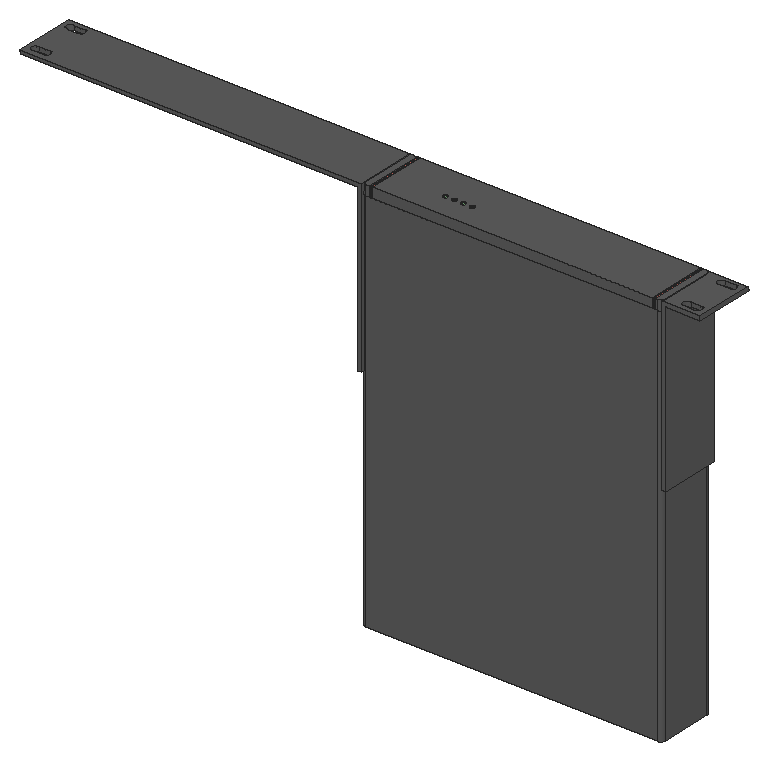
Revit family "Electronics_Amplifiers_Biamp_Voltera_A-300.4", category Communication Devices, host Face, Revit 2020
Family settings
  Host = Face
  Maintain Annotation Orientation = No
  Round Connector Dimension = Use Diameter
  Part Type = Normal
  OmniClass Number = 23.85.10.11.14.14.17
  OmniClass Title = Sound Amplifiers
  Cut with Voids When Loaded = No
  Shared = No
  Room Calculation Point = No
Parameters (values of type "A-300.4")
  Width = 8.66142"  # constant formula
  Weight = 6.10 lbf  # constant formula
  Voltage = 240 V
  Version = 1
  URL = "https://www.biamp.com/"
  Temperature Range = "32-104°F (0-40°C)"  # constant formula
  THD+N (20 - 20000 Hz for 1 W into 8 ohm) = "<0.5%"  # constant formula
  THD+N (1 kHz, 1 dB below clip) = "<0.008%"  # constant formula
  Surface Mount [instance] = Mount Type = Nom Surface Mount  # no
  Single Unit Rack Mount [instance] = Mount Type = Nom Single Unit Rack Mount  # yes
  Signal to Noise ratio (8 ohm) = ">103 dBA"  # constant formula
  Signal level indicator = "Signal level and limiter action"  # constant formula
  Product data url = "https://bimobject.com/biamp/product/a-300-4-amplifier"
  Product Page URL = "https://www.biamp.com/products/product-families/voltera/amplifiers#a-300-4"
  Product Documentation Link = "https://downloads.biamp.com/assets/docs/default-source/data-sheets/biamp_data_sheet_voltera_a-300w-series_amps_aug23.pdf"
  Power Factor = 1
  Number of Poles = 1
  Nom Surface Mount = Surface Mount : Surface Mount
  Nom Single Unit Rack Mount = Single Unit Rack Mount : Single Unit Rack Mount
  Offset_Y [instance] = if(or(Single Unit Rack Mount, Double Unit Left Rack Mount, Double Unit Right Rack Mount), 0", 5.70866")  # 0"
  Offset_X [instance] = if(Single Unit Rack Mount, 19.69", if(or(Freestanding Mount, Surface Mount), 5.91", if(Double Unit Right Rack Mount, 0.89", 10.93")))  # 19.69"
  Offset [instance] = if(or(Single Unit Rack Mount, Double Unit Left Rack Mount, Double Unit Right Rack Mount), 0.11811", if(Freestanding Mount, 1.06299", 0.98425"))  # 0.11811"
  Mount Type [instance] = Single Unit Rack Mount : Single Unit Rack Mount
  Nom Freestanding Mount = Freestanding Mount : Freestanding Mount
  Nom Double Unit Right Rack Mount = Double Unit Right Rack Mount : Double Unit Right Rack Mount
  Nom Double Unit Left Rack Mount = Double Unit Left Rack Mount : Double Unit Left Rack Mount
  Model = "A-300.4"  # constant formula
  Mode switch / ch. (4 Ω / 8 Ω / 70 V / 100 V) = "Defnes the gain and the limiter thresholds"  # constant formula
  Max input level = "+24 dBu"  # constant formula
  Max Power Consumption = 300 W
  Manufacturer = "Biamp"  # constant formula
  Input sensitivity (for all Mode options) = "+4 dBu (1.23 Vrms)"  # constant formula
  Input impedance (balanced) = "8 kohm"  # constant formula
  Included accessories = "Rack solution for single/tandem 19 1 RU mount; Brackets for mounting under table/on wall/under ceiling"  # constant formula
  Humidity = "0-95% non-condensing"  # constant formula
  Housing Material = Biamp - Metal - Black
  High pass flter = "70 Hz 12 dB/octave (on/of)"  # constant formula
  Height = 1.73228"  # constant formula
  Gain trim (default 0 dB) = "In addition to reducing the gain down to -infnity, it can boost the gain and power by up to 3 dB"  # constant formula
  Gain for 8 ohm = "26 dB"  # constant formula
  Gain for 70 / 100 V = "35.2 / 38.2 dB"  # constant formula
  Gain for 4 ohm = "23 dB"  # constant formula
  Frequency response (20 - 20000 Hz, 8 ohm, unweighted) = "+/-0.5 dB"  # constant formula
  Freestanding Mount [instance] = Mount Type = Nom Freestanding Mount  # no
  Double Unit Left Rack Mount [instance] = Mount Type = Nom Double Unit Left Rack Mount  # no
  Double Unit Right Rack Mount [instance] = Mount Type = Nom Double Unit Right Rack Mount  # no
  Description = "Voltera® A Series Compact 4 Channel, 300 Amplifier Models"  # constant formula
  Depth = 11.41732"  # constant formula
  Default Elevation = 48"
  Date Updated = ""
  Date Created = "2023/08/21"
  Cooling = "Variable speed fans, front to back airfow"  # constant formula
  Control/monitoring IO = "Mute all channels (input);Health (output);Sleep mode status (output);Sleep mode (input)"  # constant formula
  Connector Description = "100-240 VAC, 50/60 Hz"  # constant formula
  Channel separation (crosstalk at 1 kHz) = ">75 dB"  # constant formula
  Apparent Load = Max Power Consumption / Power Factor  # 300 VA
  Angle [instance] = if(or(Single Unit Rack Mount, Double Unit Left Rack Mount, Double Unit Right Rack Mount), 0.00°, 90.00°)  # 0.00°
Reference planes (in)
  plane 1 "Center (Front/Back)": y = 0
  plane 2: z = 0
  plane 3 "Center (Left/Right)": x = 0
  plane 4: x = -5.91
Forms (in)
  Extrusion 1, solid, material "Biamp - Metal - Black", visible <- "Single Unit Rack Mount"
    sketch origin (0, 0, 0) x (1, 0, 0) y (0, 0, 1)
      loop
        line (19.2126, 0) -> (19.2126, 0.11811) -> (18.11024, 0.11811) -> (18.11024, -4.76582) -> (18.22835, -4.76582) -> (18.22835, 0) -> (19.2126, 0)
      loop
        line (-0.41195, 0) -> (9.33071, 0) -> (9.33071, -4.76582) -> (9.44882, -4.76582) -> (9.44882, 0.11811) -> (-0.41195, 0.11811) -> (-0.41195, 0)
    from -0.86614 to 0.86614
  Extrusion 2, void
    sketch origin (19.2126, 0, 0.11811) x (0, -1, 0) y (-1, 0, 0)
      loop
        arc (-0.74245, 19.05266) -> (-0.62608, 18.93629) -> (-0.50971, 19.05266) r 0.11637
        line (-0.50971, 19.05266) -> (-0.50971, 19.37254)
        arc (-0.50971, 19.37254) -> (-0.62608, 19.48891) -> (-0.74245, 19.37254) r 0.11637
        line (-0.74245, 19.37254) -> (-0.74245, 19.05266)
      loop
        line (0.74245, 19.05266) -> (0.74245, 19.37254)
        arc (0.74245, 19.37254) -> (0.62608, 19.48891) -> (0.50971, 19.37254) r 0.11637
        line (0.50971, 19.37254) -> (0.50971, 19.05266)
        arc (0.50971, 19.05266) -> (0.62608, 18.93629) -> (0.74245, 19.05266) r 0.11637
      loop
        line (-0.74245, 0.57189) -> (-0.74245, 0.25201)
        arc (-0.74245, 0.25201) -> (-0.62608, 0.13565) -> (-0.50971, 0.25201) r 0.11637
        line (-0.50971, 0.25201) -> (-0.50971, 0.57189)
        arc (-0.50971, 0.57189) -> (-0.62608, 0.68826) -> (-0.74245, 0.57189) r 0.11637
      loop
        arc (0.74245, 0.57189) -> (0.62608, 0.68826) -> (0.50971, 0.57189) r 0.11637
        line (0.50971, 0.57189) -> (0.50971, 0.25201)
        arc (0.50971, 0.25201) -> (0.62608, 0.13565) -> (0.74245, 0.25201) r 0.11637
        line (0.74245, 0.25201) -> (0.74245, 0.57189)
    from 0 to 0.11811
  Revolve 3, solid, material "Biamp - Plastic - Black", visible <- "Freestanding Mount"
    sketch origin (-3.54331, -0.34449, 0) x (0, 1, 0) y (0, 0, 1)
      loop
        line (4.92126, 0.19685) -> (4.58651, 0.19685)
        arc (4.58651, 0.19685) -> (4.72709, 0.05286) -> (4.92126, 0) r 0.38305
        line (4.92126, 0) -> (4.92126, 0.19685)
      axis (4.92126, 0.19685) -> (4.92126, 0)
    angle from 0 to 360
  Revolve 4, solid, material "Biamp - Plastic - Black", visible <- "Freestanding Mount"
    sketch origin (3.54331, -0.34449, 0) x (0, 1, 0) y (0, 0, -1)
      loop
        line (4.92126, -0.19685) -> (4.92126, 0)
        arc (4.92126, 0) -> (4.72709, -0.05286) -> (4.58651, -0.19685) r 0.38305
        line (4.58651, -0.19685) -> (4.92126, -0.19685)
      axis (4.92126, -0.19685) -> (4.92126, 0)
    angle from 0 to 360
  Revolve 5, solid, material "Biamp - Plastic - Black", visible <- "Freestanding Mount"
    sketch origin (-3.54331, 0.34449, 0) x (0, -1, 0) y (0, 0, -1)
      loop
        line (4.92126, -0.19685) -> (4.92126, 0)
        arc (4.92126, 0) -> (4.72709, -0.05286) -> (4.58651, -0.19685) r 0.38305
        line (4.58651, -0.19685) -> (4.92126, -0.19685)
      axis (4.92126, -0.19685) -> (4.92126, 0)
    angle from 0 to 360
  Revolve 6, solid, material "Biamp - Plastic - Black", visible <- "Freestanding Mount"
    sketch origin (3.54331, 0.34449, 0) x (0, -1, 0) y (0, 0, 1)
      loop
        line (4.92126, 0.19685) -> (4.58651, 0.19685)
        arc (4.58651, 0.19685) -> (4.72709, 0.05286) -> (4.92126, 0) r 0.38305
        line (4.92126, 0) -> (4.92126, 0.19685)
      axis (4.92126, 0.19685) -> (4.92126, 0)
    angle from 0 to 360
  Extrusion 7, solid, material "Biamp - Metal - Black", visible <- "Surface Mount", detail levels coarse
    sketch origin (-12.15168, 0, 0) x (1, 0, 0) y (0, 1, 0)
      loop
        line (6.71403, 9.22034) -> (6.71403, 8.08845) -> (8.68254, 8.08845) -> (8.68254, 9.22034) -> (6.71403, 9.22034)
      loop
        line (17.58934, 9.22034) -> (15.62083, 9.22034) -> (15.62083, 8.08845) -> (17.58934, 8.08845) -> (17.58934, 9.22034)
      loop
        line (6.71403, 4.84042) -> (6.71403, 3.70853) -> (8.68254, 3.70853) -> (8.68254, 4.84042) -> (6.71403, 4.84042)
      loop
        line (17.58934, 4.84042) -> (15.62083, 4.84042) -> (15.62083, 3.70853) -> (17.58934, 3.70853) -> (17.58934, 4.84042)
    from 0 to 0.11811
  Extrusion 8, solid, material "Biamp - Metal - Black", visible <- "Surface Mount", detail levels medium+fine
    sketch origin (-12.15168, 0, 0) x (1, 0, 0) y (0, 1, 0)
      loop
        arc (6.91088, 9.22034) -> (6.77169, 9.16268) -> (6.71403, 9.02349) r 0.19685
        line (6.71403, 9.02349) -> (6.71403, 8.2853)
        arc (6.71403, 8.2853) -> (6.77169, 8.1461) -> (6.91088, 8.08845) r 0.19685
        line (6.91088, 8.08845) -> (8.48569, 8.08845)
        arc (8.48569, 8.08845) -> (8.62488, 8.1461) -> (8.68254, 8.2853) r 0.19685
        line (8.68254, 8.2853) -> (8.68254, 9.02349)
        arc (8.68254, 9.02349) -> (8.62488, 9.16268) -> (8.48569, 9.22034) r 0.19685
        line (8.48569, 9.22034) -> (6.91088, 9.22034)
      loop
        arc (6.91088, 4.84042) -> (6.77169, 4.78276) -> (6.71403, 4.64357) r 0.19685
        line (6.71403, 4.64357) -> (6.71403, 3.90538)
        arc (6.71403, 3.90538) -> (6.77169, 3.76618) -> (6.91088, 3.70853) r 0.19685
        line (6.91088, 3.70853) -> (8.48569, 3.70853)
        arc (8.48569, 3.70853) -> (8.62488, 3.76618) -> (8.68254, 3.90538) r 0.19685
        line (8.68254, 3.90538) -> (8.68254, 4.64357)
        arc (8.68254, 4.64357) -> (8.62488, 4.78276) -> (8.48569, 4.84042) r 0.19685
        line (8.48569, 4.84042) -> (6.91088, 4.84042)
      loop
        arc (15.81768, 9.22034) -> (15.67849, 9.16268) -> (15.62083, 9.02349) r 0.19685
        line (15.62083, 9.02349) -> (15.62083, 8.2853)
        arc (15.62083, 8.2853) -> (15.67849, 8.1461) -> (15.81768, 8.08845) r 0.19685
        line (15.81768, 8.08845) -> (17.39249, 8.08845)
        arc (17.39249, 8.08845) -> (17.53168, 8.1461) -> (17.58934, 8.2853) r 0.19685
        line (17.58934, 8.2853) -> (17.58934, 9.02349)
        arc (17.58934, 9.02349) -> (17.53168, 9.16268) -> (17.39249, 9.22034) r 0.19685
        line (17.39249, 9.22034) -> (15.81768, 9.22034)
      loop
        arc (15.81768, 4.84042) -> (15.67849, 4.78276) -> (15.62083, 4.64357) r 0.19685
        line (15.62083, 4.64357) -> (15.62083, 3.90538)
        arc (15.62083, 3.90538) -> (15.67849, 3.76618) -> (15.81768, 3.70853) r 0.19685
        line (15.81768, 3.70853) -> (17.39249, 3.70853)
        arc (17.39249, 3.70853) -> (17.53168, 3.76618) -> (17.58934, 3.90538) r 0.19685
        line (17.58934, 3.90538) -> (17.58934, 4.64357)
        arc (17.58934, 4.64357) -> (17.53168, 4.78276) -> (17.39249, 4.84042) r 0.19685
        line (17.39249, 4.84042) -> (15.81768, 4.84042)
    from 0 to 0.11811
  Extrusion 9, solid, material "Biamp - Metal - Black", visible <- "Double Unit Right Rack Mount"
    sketch origin (0, 0, 0) x (1, 0, 0) y (0, 0, 1)
      loop
        line (0.41307, 0) -> (0.41307, 0.11811) -> (-0.68929, 0.11811) -> (-0.68929, -4.76582) -> (-0.57118, -4.76582) -> (-0.57118, 0) -> (0.41307, 0)
    from -0.86614 to 0.86614
  Extrusion 10, solid, material "Biamp - Metal - Black", visible <- "Double Unit Left Rack Mount"
    sketch origin (0, 0, 0) x (1, 0, 0) y (0, 0, 1)
      loop
        line (-0.41195, 0) -> (0.5723, 0) -> (0.5723, -4.76582) -> (0.69041, -4.76582) -> (0.69041, 0.11811) -> (-0.41195, 0.11811) -> (-0.41195, 0)
    from -0.86614 to 0.86614
  Extrusion 11, solid, material "Biamp - Metal - Black", visible <- "Double Unit Left Rack Mount", detail levels coarse
    sketch origin (-0.54395, 0, 0) x (1, 0, 0) y (0, 0, 1)
      loop
        line (10.92978, -3.59055) -> (8.96127, -3.59055) -> (8.96127, -4.72244) -> (10.92978, -4.72244) -> (10.92978, -3.59055)
      loop
        line (10.92978, -7.97047) -> (8.96127, -7.97047) -> (8.96127, -9.10236) -> (10.92978, -9.10236) -> (10.92978, -7.97047)
    from 0.86614 to 0.98425
  Extrusion 12, solid, material "Biamp - Metal - Black", visible <- "Double Unit Left Rack Mount", detail levels medium+fine
    sketch origin (-0.54395, 0, 0) x (1, 0, 0) y (0, 0, 1)
      loop
        line (10.73293, -3.59055) -> (9.15812, -3.59055)
        arc (9.15812, -3.59055) -> (9.01893, -3.64821) -> (8.96127, -3.7874) r 0.19685
        line (8.96127, -3.7874) -> (8.96127, -4.52559)
        arc (8.96127, -4.52559) -> (9.01893, -4.66478) -> (9.15812, -4.72244) r 0.19685
        line (9.15812, -4.72244) -> (10.73293, -4.72244)
        arc (10.73293, -4.72244) -> (10.87212, -4.66478) -> (10.92978, -4.52559) r 0.19685
        line (10.92978, -4.52559) -> (10.92978, -3.7874)
        arc (10.92978, -3.7874) -> (10.87212, -3.64821) -> (10.73293, -3.59055) r 0.19685
      loop
        line (10.73293, -7.97047) -> (9.15812, -7.97047)
        arc (9.15812, -7.97047) -> (9.01893, -8.02813) -> (8.96127, -8.16732) r 0.19685
        line (8.96127, -8.16732) -> (8.96127, -8.90551)
        arc (8.96127, -8.90551) -> (9.01893, -9.04471) -> (9.15812, -9.10236) r 0.19685
        line (9.15812, -9.10236) -> (10.73293, -9.10236)
        arc (10.73293, -9.10236) -> (10.87212, -9.04471) -> (10.92978, -8.90551) r 0.19685
        line (10.92978, -8.90551) -> (10.92978, -8.16732)
        arc (10.92978, -8.16732) -> (10.87212, -8.02813) -> (10.73293, -7.97047) r 0.19685
    from 0.86614 to 0.98425
Cuts and joins
  Extrusion 2 cuts Extrusion 1
  Extrusion 2 cuts Extrusion 9
  Extrusion 2 cuts Extrusion 10
Lines and regions (in)
  Masking region 1, visible <- "Single Unit Rack Mount"
    outline origin (0, -5.70866, 0) x (1, 0, 0) y (0, 1, 0)
      loop
        line (-0.41195, 6.5748) -> (-0.41195, 4.84252) -> (9.33071, 4.84252) -> (9.33071, 6.5748) -> (-0.41195, 6.5748)
      loop
        line (18.22835, 6.5748) -> (18.22835, 4.84252) -> (19.2126, 4.84252) -> (19.2126, 6.5748) -> (18.22835, 6.5748)
      loop
        line (-0.15994, 6.21837) -> (0.15994, 6.21837)
        arc (0.15994, 6.21837) -> (0.27631, 6.33474) -> (0.15994, 6.45111) r 0.11637
        line (0.15994, 6.45111) -> (-0.15994, 6.45111)
        arc (-0.15994, 6.45111) -> (-0.27631, 6.33474) -> (-0.15994, 6.21837) r 0.11637
      loop
        arc (-0.15994, 5.19895) -> (-0.27631, 5.08258) -> (-0.15994, 4.96622) r 0.11637
        line (-0.15994, 4.96622) -> (0.15994, 4.96622)
        arc (0.15994, 4.96622) -> (0.27631, 5.08258) -> (0.15994, 5.19895) r 0.11637
        line (0.15994, 5.19895) -> (-0.15994, 5.19895)
      loop
        arc (18.96059, 6.21837) -> (19.07695, 6.33474) -> (18.96059, 6.45111) r 0.11637
        line (18.96059, 6.45111) -> (18.6407, 6.45111)
        arc (18.6407, 6.45111) -> (18.52434, 6.33474) -> (18.6407, 6.21837) r 0.11637
        line (18.6407, 6.21837) -> (18.96059, 6.21837)
      loop
        line (18.96059, 5.19895) -> (18.6407, 5.19895)
        arc (18.6407, 5.19895) -> (18.52434, 5.08258) -> (18.6407, 4.96622) r 0.11637
        line (18.6407, 4.96622) -> (18.96059, 4.96622)
        arc (18.96059, 4.96622) -> (19.07695, 5.08258) -> (18.96059, 5.19895) r 0.11637
  Masking region 2, visible <- "Single Unit Rack Mount"
    outline origin (0, -5.70866, 0) x (1, 0, 0) y (0, 1, 0)
      loop
        line (9.33071, 6.5748) -> (9.33071, 4.84252) -> (9.44882, 4.84252) -> (9.44882, 6.5748) -> (9.33071, 6.5748)
      loop
        line (18.11024, 6.5748) -> (18.11024, 4.84252) -> (18.22835, 4.84252) -> (18.22835, 6.5748) -> (18.11024, 6.5748)
  Masking region 3, visible <- "Double Unit Left Rack Mount"
    outline origin (-18.80064, -5.70866, 0) x (1, 0, 0) y (0, 1, 0)
      loop
        line (18.22835, 6.5748) -> (18.22835, 4.84252) -> (19.2126, 4.84252) -> (19.2126, 6.5748) -> (18.22835, 6.5748)
      loop
        arc (18.96059, 6.21837) -> (19.07695, 6.33474) -> (18.96059, 6.45111) r 0.11637
        line (18.96059, 6.45111) -> (18.6407, 6.45111)
        arc (18.6407, 6.45111) -> (18.52434, 6.33474) -> (18.6407, 6.21837) r 0.11637
        line (18.6407, 6.21837) -> (18.96059, 6.21837)
      loop
        line (18.96059, 5.19895) -> (18.6407, 5.19895)
        arc (18.6407, 5.19895) -> (18.52434, 5.08258) -> (18.6407, 4.96622) r 0.11637
        line (18.6407, 4.96622) -> (18.96059, 4.96622)
        arc (18.96059, 4.96622) -> (19.07695, 5.08258) -> (18.96059, 5.19895) r 0.11637
  Masking region 4, visible <- "Double Unit Left Rack Mount"
    outline origin (-18.80064, -5.70866, 0) x (1, 0, 0) y (0, 1, 0)
      loop
        line (18.11024, 6.5748) -> (18.11024, 4.84252) -> (18.22835, 4.84252) -> (18.22835, 6.5748) -> (18.11024, 6.5748)
  Masking region 5, visible <- "Double Unit Right Rack Mount"
    outline origin (0, -5.70866, 0) x (1, 0, 0) y (0, 1, 0)
      loop
        line (-0.41195, 6.5748) -> (-0.41195, 4.84252) -> (0.5723, 4.84252) -> (0.5723, 6.5748) -> (-0.41195, 6.5748)
      loop
        line (-0.15994, 6.21837) -> (0.15994, 6.21837)
        arc (0.15994, 6.21837) -> (0.27631, 6.33474) -> (0.15994, 6.45111) r 0.11637
        line (0.15994, 6.45111) -> (-0.15994, 6.45111)
        arc (-0.15994, 6.45111) -> (-0.27631, 6.33474) -> (-0.15994, 6.21837) r 0.11637
      loop
        arc (-0.15994, 5.19895) -> (-0.27631, 5.08258) -> (-0.15994, 4.96622) r 0.11637
        line (-0.15994, 4.96622) -> (0.15994, 4.96622)
        arc (0.15994, 4.96622) -> (0.27631, 5.08258) -> (0.15994, 5.19895) r 0.11637
        line (0.15994, 5.19895) -> (-0.15994, 5.19895)
  Masking region 6, visible <- "Double Unit Right Rack Mount"
    outline origin (0, -5.70866, 0) x (1, 0, 0) y (0, 1, 0)
      loop
        line (0.5723, 6.5748) -> (0.5723, 4.84252) -> (0.69041, 4.84252) -> (0.69041, 6.5748) -> (0.5723, 6.5748)
  Masking region 7, visible <- "Surface Mount", detail levels coarse
    outline origin (-12.15168, 0, 0) x (1, 0, 0) y (0, 1, 0)
      loop
        line (6.71403, 9.22034) -> (6.71403, 8.08845) -> (7.84082, 8.08845) -> (7.84082, 9.22034) -> (6.71403, 9.22034)
      loop
        line (6.71403, 4.84042) -> (6.71403, 3.70853) -> (7.84082, 3.70853) -> (7.84082, 4.84042) -> (6.71403, 4.84042)
      loop
        line (17.58934, 9.22034) -> (16.46255, 9.22034) -> (16.46255, 8.08845) -> (17.58934, 8.08845) -> (17.58934, 9.22034)
      loop
        line (17.58934, 4.84042) -> (16.46255, 4.84042) -> (16.46255, 3.70853) -> (17.58934, 3.70853) -> (17.58934, 4.84042)
  Masking region 8, visible <- "Surface Mount", detail levels medium+fine
    outline origin (-12.15168, 0, 0) x (1, 0, 0) y (0, 1, 0)
      loop
        arc (6.91088, 9.22034) -> (6.77169, 9.16268) -> (6.71403, 9.02349) r 0.19685
        line (6.71403, 9.02349) -> (6.71403, 8.2853)
        arc (6.71403, 8.2853) -> (6.77169, 8.1461) -> (6.91088, 8.08845) r 0.19685
        line (6.91088, 8.08845) -> (7.84082, 8.08845) -> (7.84082, 9.22034) -> (6.91088, 9.22034)
      loop
        arc (6.91088, 4.84042) -> (6.77169, 4.78276) -> (6.71403, 4.64357) r 0.19685
        line (6.71403, 4.64357) -> (6.71403, 3.90538)
        arc (6.71403, 3.90538) -> (6.77169, 3.76618) -> (6.91088, 3.70853) r 0.19685
        line (6.91088, 3.70853) -> (7.84082, 3.70853) -> (7.84082, 4.84042) -> (6.91088, 4.84042)
      loop
        line (17.39249, 9.22034) -> (16.46255, 9.22034) -> (16.46255, 8.08845) -> (17.39249, 8.08845)
        arc (17.39249, 8.08845) -> (17.53168, 8.1461) -> (17.58934, 8.2853) r 0.19685
        line (17.58934, 8.2853) -> (17.58934, 9.02349)
        arc (17.58934, 9.02349) -> (17.53168, 9.16268) -> (17.39249, 9.22034) r 0.19685
      loop
        line (17.39249, 4.84042) -> (16.46255, 4.84042) -> (16.46255, 3.70853) -> (17.39249, 3.70853)
        arc (17.39249, 3.70853) -> (17.53168, 3.76618) -> (17.58934, 3.90538) r 0.19685
        line (17.58934, 3.90538) -> (17.58934, 4.64357)
        arc (17.58934, 4.64357) -> (17.53168, 4.78276) -> (17.39249, 4.84042) r 0.19685
  Masking region 9, visible <- "Surface Mount"
    outline origin (0, 0, 0) x (1, 0, 0) y (0, 0, 1)
      loop
        line (-5.43765, 0.11811) -> (-5.43765, 0) -> (-3.46915, 0) -> (-3.46915, 0.11811) -> (-5.43765, 0.11811)
      loop
        line (5.43765, 0.11811) -> (3.46915, 0.11811) -> (3.46915, 0) -> (5.43765, 0) -> (5.43765, 0.11811)
  Masking region 10, visible <- "Freestanding Mount"
    outline origin (0, 0, 0) x (1, 0, 0) y (0, 0, 1)
      loop
        line (-3.54331, 0.19685) -> (-3.87806, 0.19685)
        arc (-3.87806, 0.19685) -> (-3.54331, -0.00007) -> (-3.20856, 0.19685) r 0.38298
        line (-3.20856, 0.19685) -> (-3.54331, 0.19685)
      loop
        line (3.54331, 0.19685) -> (3.20856, 0.19685)
        arc (3.20856, 0.19685) -> (3.54331, -0.00007) -> (3.87806, 0.19685) r 0.38298
        line (3.87806, 0.19685) -> (3.54331, 0.19685)
  Masking region 11, visible <- "Double Unit Right Rack Mount"
    outline origin (0, 0, 0) x (1, 0, 0) y (0, 0, 1)
      loop
        line (-0.41195, 0.11811) -> (-0.41195, 0) -> (0.5723, 0) -> (0.5723, -4.76582) -> (0.69041, -4.76582) -> (0.69041, 0.11811) -> (-0.41195, 0.11811)
  Masking region 12, visible <- "Double Unit Left Rack Mount"
    outline origin (18.80064, 0, 0) x (-1, 0, 0) y (0, 0, 1)
      loop
        line (-0.41195, 0.11811) -> (-0.41195, 0) -> (0.5723, 0) -> (0.5723, -4.76582) -> (0.69041, -4.76582) -> (0.69041, 0.11811) -> (-0.41195, 0.11811)
  Masking region 13, visible <- "Single Unit Rack Mount"
    outline origin (18.80064, 0, 0) x (-1, 0, 0) y (0, 0, 1)
      loop
        line (-0.41195, 0.11811) -> (-0.41195, 0) -> (0.5723, 0) -> (0.5723, -4.76582) -> (0.69041, -4.76582) -> (0.69041, 0.11811) -> (-0.41195, 0.11811)
      loop
        line (19.2126, 0) -> (19.2126, 0.11811) -> (9.35183, 0.11811) -> (9.35183, -4.76582) -> (9.46994, -4.76582) -> (9.46994, 0) -> (19.2126, 0)
  Masking region 14, visible <- "Double Unit Right Rack Mount", detail levels coarse
    outline origin (0, 0, 0) x (1, 0, 0) y (0, 0, 1)
      loop
        line (8.41732, -3.59055) -> (8.41732, -4.72244) -> (10.38583, -4.72244) -> (10.38583, -3.59055) -> (8.41732, -3.59055)
      loop
        line (8.41732, -7.97047) -> (8.41732, -9.10236) -> (10.38583, -9.10236) -> (10.38583, -7.97047) -> (8.41732, -7.97047)
  Masking region 15, visible <- "Double Unit Right Rack Mount", detail levels medium+fine
    outline origin (-0.54395, 0, 0) x (1, 0, 0) y (0, 0, 1)
      loop
        arc (9.15812, -3.59055) -> (9.01893, -3.64821) -> (8.96127, -3.7874) r 0.19685
        line (8.96127, -3.7874) -> (8.96127, -4.52559)
        arc (8.96127, -4.52559) -> (9.01893, -4.66478) -> (9.15812, -4.72244) r 0.19685
        line (9.15812, -4.72244) -> (10.73293, -4.72244)
        arc (10.73293, -4.72244) -> (10.87212, -4.66478) -> (10.92978, -4.52559) r 0.19685
        line (10.92978, -4.52559) -> (10.92978, -3.7874)
        arc (10.92978, -3.7874) -> (10.87212, -3.64821) -> (10.73293, -3.59055) r 0.19685
        line (10.73293, -3.59055) -> (9.15812, -3.59055)
      loop
        arc (9.15812, -7.97047) -> (9.01893, -8.02813) -> (8.96127, -8.16732) r 0.19685
        line (8.96127, -8.16732) -> (8.96127, -8.90551)
        arc (8.96127, -8.90551) -> (9.01893, -9.04471) -> (9.15812, -9.10236) r 0.19685
        line (9.15812, -9.10236) -> (10.73293, -9.10236)
        arc (10.73293, -9.10236) -> (10.87212, -9.04471) -> (10.92978, -8.90551) r 0.19685
        line (10.92978, -8.90551) -> (10.92978, -8.16732)
        arc (10.92978, -8.16732) -> (10.87212, -8.02813) -> (10.73293, -7.97047) r 0.19685
        line (10.73293, -7.97047) -> (9.15812, -7.97047)
  reference lines
    curve 1: line (-12.15168, 0, 0) -> (27.21839, 0, 0)
    curve 2: line (13.78, -14.07308, 0) -> (13.78, 30.80881, 0)
    curve 3: line (13.78, 28.70922, 0.11811) -> (13.78, -14.59787, 0.11811)
    curve 4: line (13.78, 0, -5.3937) -> (13.78, 0, 16.65354)
    curve 5: line (13.78, 0, -5.55602) -> (13.78, 0, 0.11811)
Dimensions and locks (in)
  "Offset_Y": curve 1 to plane 1 "Center (Front/Back)"
  "Offset": curve 3 to plane 2
  locked: plane 4 to plane 3 "Center (Left/Right)" at 5.91
  "Offset_X": plane 4 to curve 2
  "Angle": angle curve 5 to curve 4
  aligned and locked: plane 2 to host face
  aligned and locked: level to host face
  aligned and locked: curve 4 to curve 5
  aligned and locked: curve 3 to curve 5
Automatic sketch dimensions
  host sketch curve to host sketch curve = 96"  (x2)
  curve 4 to curve 3 = 14.59787"
  curve 4 to curve 3 = 16.53543"
  curve 4 to curve 3 = 5.51181"
  Extrusion 1 sketch curve to level = 0"  (x2)
  Extrusion 1 sketch curve to plane 3 "Center (Left/Right)" = 0.41195"
  plane 3 "Center (Left/Right)" to Extrusion 1 sketch curve = 9.33071"
  Extrusion 1 sketch curve to Extrusion 1 sketch curve = 0.11811"  (x3)
  Extrusion 1 sketch curve to Extrusion 1 sketch curve = 8.66142"
  Extrusion 1 sketch curve to Extrusion 1 sketch curve = 0.98425"
  Extrusion 1 sketch curve to level = 4.76582"  (x2)
  level to Extrusion 1 sketch curve = 0.11811"
  Extrusion 1 to Extrusion 2 sketch curve = 0.1237"  (x2)
  Extrusion 2 sketch curve to Extrusion 2 sketch curve = 0.11637"  (x4)
  Extrusion 1 to Extrusion 2 sketch curve = 0.35643"  (x2)
  Extrusion 1 to Extrusion 2 sketch curve = 18.27018"
  Extrusion 2 sketch curve to Extrusion 2 sketch curve = 0"
  Extrusion 2 sketch curve to Extrusion 2 sketch curve = 0.31988"  (x2)
  Extrusion 1 to Extrusion 2 sketch curve = 0.57189"  (x2)
  Extrusion 1 to Extrusion 2 sketch curve = 0.25201"  (x2)
  Revolve 3 sketch curve to level = 0"
  level to Revolve 3 sketch curve = 0.19685"
  Revolve 3 sketch curve to plane 1 "Center (Front/Back)" = 4.24202"
  Revolve 3 sketch curve to Revolve 3 sketch curve = 0.33475"
  Revolve 3 sketch curve to Revolve 3 sketch curve = 0"  (x2)
  Revolve 3 sketch curve to level = 0.10776"
  Revolve 4 sketch curve to level = 0"
  level to Revolve 4 sketch curve = 0.19685"
  Revolve 4 sketch curve to plane 1 "Center (Front/Back)" = 4.24202"
  Revolve 4 sketch curve to Revolve 4 sketch curve = 0.33475"
  Revolve 4 sketch curve to Revolve 4 sketch curve = 0"  (x2)
  Revolve 4 sketch curve to level = 0.10776"
  Revolve 5 sketch curve to level = 0"
  level to Revolve 5 sketch curve = 0.19685"
  plane 1 "Center (Front/Back)" to Revolve 5 sketch curve = 4.24202"
  Revolve 5 sketch curve to Revolve 5 sketch curve = 0.33475"
  Revolve 5 sketch curve to Revolve 5 sketch curve = 0"  (x2)
  Revolve 5 sketch curve to level = 0.10776"
  Revolve 6 sketch curve to level = 0"
  level to Revolve 6 sketch curve = 0.19685"
  plane 1 "Center (Front/Back)" to Revolve 6 sketch curve = 4.24202"
  Revolve 6 sketch curve to Revolve 6 sketch curve = 0.33475"
  Revolve 6 sketch curve to Revolve 6 sketch curve = 0"  (x2)
  Revolve 6 sketch curve to level = 0.10776"
  curve 1 to Extrusion 7 sketch curve = 6.71403"
  Extrusion 7 sketch curve to Extrusion 7 sketch curve = 0"  (x2)
  Extrusion 7 sketch curve to Extrusion 7 sketch curve = 1.9685"  (x4)
  Extrusion 7 sketch curve to Extrusion 7 sketch curve = 6.9383"
  Extrusion 7 sketch curve to curve 1 = 3.70853"  (x2)
  Extrusion 7 sketch curve to Extrusion 7 sketch curve = 1.13189"  (x4)
  Extrusion 7 sketch curve to Extrusion 7 sketch curve = 3.24803"  (x2)
  curve 1 to Extrusion 8 sketch curve = 6.71403"
  Extrusion 8 sketch curve to Extrusion 8 sketch curve = 0"  (x6)
  Extrusion 8 sketch curve to Extrusion 8 sketch curve = 0.19685"  (x12)
  Extrusion 8 sketch curve to Extrusion 8 sketch curve = 1.5748"  (x4)
  Extrusion 8 sketch curve to Extrusion 8 sketch curve = 6.9383"
  Extrusion 8 sketch curve to curve 1 = 3.70853"  (x2)
  Extrusion 8 sketch curve to Extrusion 8 sketch curve = 0.73819"  (x4)
  Extrusion 8 sketch curve to Extrusion 8 sketch curve = 3.24803"  (x2)
  Extrusion 9 sketch curve to level = 0"
  Extrusion 9 sketch curve to level = 4.76582"
  Extrusion 9 sketch curve to plane 3 "Center (Left/Right)" = 0.68929"
  Extrusion 9 sketch curve to Extrusion 9 sketch curve = 0.11811"
  level to Extrusion 9 sketch curve = 0.11811"
  Extrusion 9 sketch curve to Extrusion 9 sketch curve = 0.98425"
  Extrusion 10 sketch curve to level = 0"
  level to Extrusion 10 sketch curve = 0.11811"
  Extrusion 10 sketch curve to plane 3 "Center (Left/Right)" = 0.41195"
  plane 3 "Center (Left/Right)" to Extrusion 10 sketch curve = 0.5723"
  Extrusion 10 sketch curve to Extrusion 10 sketch curve = 0.11811"
  Extrusion 10 sketch curve to level = 4.76582"
  plane 3 "Center (Left/Right)" to Extrusion 11 sketch curve = 8.41732"
  Extrusion 11 sketch curve to Extrusion 11 sketch curve = 0"
  Extrusion 11 sketch curve to Extrusion 11 sketch curve = 1.9685"  (x2)
  Extrusion 11 sketch curve to level = 9.10236"
  Extrusion 11 sketch curve to Extrusion 11 sketch curve = 1.13189"  (x2)
  Extrusion 11 sketch curve to Extrusion 11 sketch curve = 3.24803"
  plane 3 "Center (Left/Right)" to Extrusion 12 sketch curve = 8.41732"
  Extrusion 12 sketch curve to Extrusion 12 sketch curve = 0"  (x3)
  Extrusion 12 sketch curve to Extrusion 12 sketch curve = 0.19685"  (x6)
  Extrusion 12 sketch curve to Extrusion 12 sketch curve = 1.5748"  (x2)
  Extrusion 12 sketch curve to level = 9.10236"
  Extrusion 12 sketch curve to Extrusion 12 sketch curve = 0.73819"  (x2)
  Extrusion 12 sketch curve to Extrusion 12 sketch curve = 3.24803"
  Masking region 1 sketch curve to plane 3 "Center (Left/Right)" = 0.41195"
  Masking region 1 sketch curve to plane 3 "Center (Left/Right)" = 0.15994"  (x2)
  plane 3 "Center (Left/Right)" to Masking region 1 sketch curve = 0.15994"  (x2)
  Masking region 1 sketch curve to plane 1 "Center (Front/Back)" = 0.86614"  (x2)
  Masking region 1 sketch curve to Masking region 1 sketch curve = 9.17077"
  plane 1 "Center (Front/Back)" to Masking region 1 sketch curve = 0.86614"  (x2)
  Masking region 1 sketch curve to Masking region 1 sketch curve = 8.89764"
  Masking region 1 sketch curve to Masking region 1 sketch curve = 0.41236"  (x2)
  Masking region 1 sketch curve to plane 1 "Center (Front/Back)" = 0.50971"
  Masking region 1 sketch curve to Masking region 1 sketch curve = 0.31988"  (x2)
  Masking region 1 sketch curve to Masking region 1 sketch curve = 0.25201"
  Masking region 1 sketch curve to Masking region 1 sketch curve = 0.1237"  (x2)
  Masking region 1 sketch curve to Masking region 1 sketch curve = 0.11637"  (x4)
  Masking region 1 sketch curve to Masking region 1 sketch curve = 0.35643"
  plane 1 "Center (Front/Back)" to Masking region 2 sketch curve = 0.86614"  (x2)
  plane 3 "Center (Left/Right)" to Masking region 2 sketch curve = 9.33071"
  Masking region 2 sketch curve to Masking region 2 sketch curve = 0.11811"  (x2)
  Masking region 2 sketch curve to plane 1 "Center (Front/Back)" = 0.86614"  (x2)
  Masking region 2 sketch curve to Masking region 2 sketch curve = 8.66142"
  plane 1 "Center (Front/Back)" to Masking region 3 sketch curve = 0.86614"
  Masking region 3 sketch curve to plane 3 "Center (Left/Right)" = 0.5723"
  Masking region 3 sketch curve to Masking region 3 sketch curve = 0.41236"  (x2)
  Masking region 3 sketch curve to Masking region 3 sketch curve = 0.31988"  (x2)
  Masking region 3 sketch curve to Masking region 3 sketch curve = 0.25201"
  Masking region 3 sketch curve to Masking region 3 sketch curve = 0.1237"
  Masking region 3 sketch curve to Masking region 3 sketch curve = 0.11637"  (x2)
  Masking region 3 sketch curve to plane 1 "Center (Front/Back)" = 0.50971"
  Masking region 3 sketch curve to plane 1 "Center (Front/Back)" = 0.86614"
  plane 1 "Center (Front/Back)" to Masking region 4 sketch curve = 0.86614"
  Masking region 4 sketch curve to plane 3 "Center (Left/Right)" = 0.69041"
  Masking region 4 sketch curve to Masking region 4 sketch curve = 0.11811"
  Masking region 4 sketch curve to plane 1 "Center (Front/Back)" = 0.86614"
  Masking region 5 sketch curve to plane 3 "Center (Left/Right)" = 0.41195"
  Masking region 5 sketch curve to plane 3 "Center (Left/Right)" = 0.15994"  (x2)
  plane 3 "Center (Left/Right)" to Masking region 5 sketch curve = 0.15994"  (x2)
  Masking region 5 sketch curve to Masking region 5 sketch curve = 0.41236"
  plane 1 "Center (Front/Back)" to Masking region 5 sketch curve = 0.86614"
  Masking region 5 sketch curve to Masking region 5 sketch curve = 0.1237"  (x2)
  Masking region 5 sketch curve to Masking region 5 sketch curve = 0.11637"  (x2)
  Masking region 5 sketch curve to plane 1 "Center (Front/Back)" = 0.50971"
  plane 3 "Center (Left/Right)" to Masking region 6 sketch curve = 0.5723"
  Masking region 6 sketch curve to Masking region 6 sketch curve = 0.11811"
  plane 1 "Center (Front/Back)" to Masking region 6 sketch curve = 0.86614"
  Masking region 6 sketch curve to plane 1 "Center (Front/Back)" = 0.86614"
  curve 1 to Masking region 7 sketch curve = 6.71403"
  Masking region 7 sketch curve to Masking region 7 sketch curve = 0"  (x2)
  Masking region 7 sketch curve to Masking region 7 sketch curve = 1.12679"  (x4)
  Masking region 7 sketch curve to curve 1 = 3.70853"  (x2)
  Masking region 7 sketch curve to Masking region 7 sketch curve = 8.62172"
  Masking region 7 sketch curve to Masking region 7 sketch curve = 1.13189"  (x4)
  Masking region 7 sketch curve to Masking region 7 sketch curve = 3.24803"  (x2)
  curve 1 to Masking region 8 sketch curve = 6.71403"
  Masking region 8 sketch curve to Masking region 8 sketch curve = 0"  (x3)
  Masking region 8 sketch curve to Masking region 8 sketch curve = 0.19685"  (x6)
  Masking region 8 sketch curve to Masking region 8 sketch curve = 0.92994"  (x5)
  Masking region 8 sketch curve to curve 1 = 4.84042"
  Masking region 8 sketch curve to Masking region 8 sketch curve = 8.62172"
  Masking region 8 sketch curve to curve 1 = 4.64357"
  Masking region 8 sketch curve to Masking region 8 sketch curve = 0.73819"  (x4)
  Masking region 8 sketch curve to Masking region 8 sketch curve = 3.24803"  (x2)
  Masking region 9 sketch curve to level = 0"  (x2)
  Masking region 9 sketch curve to plane 3 "Center (Left/Right)" = 5.43765"
  Masking region 9 sketch curve to Masking region 9 sketch curve = 1.9685"  (x2)
  plane 3 "Center (Left/Right)" to Masking region 9 sketch curve = 3.46915"
  level to Masking region 9 sketch curve = 0.11811"  (x2)
  level to Masking region 10 sketch curve = 0.19685"  (x2)
  Masking region 10 sketch curve to plane 3 "Center (Left/Right)" = 3.87806"
  Masking region 10 sketch curve to Masking region 10 sketch curve = 0.33475"  (x2)
  Masking region 10 sketch curve to Masking region 10 sketch curve = 0"  (x2)
  plane 3 "Center (Left/Right)" to Masking region 10 sketch curve = 3.20856"
  Masking region 10 sketch curve to Masking region 10 sketch curve = 0.18606"  (x2)
  Masking region 11 sketch curve to level = 0"
  level to Masking region 11 sketch curve = 0.11811"
  Masking region 11 sketch curve to plane 3 "Center (Left/Right)" = 0.41195"
  plane 3 "Center (Left/Right)" to Masking region 11 sketch curve = 0.5723"
  Masking region 11 sketch curve to Masking region 11 sketch curve = 0.11811"
  Masking region 11 sketch curve to level = 4.76582"
  Masking region 12 sketch curve to level = 0"
  level to Masking region 12 sketch curve = 0.11811"
  plane 3 "Center (Left/Right)" to Masking region 12 sketch curve = 19.2126"
  Masking region 12 sketch curve to Masking region 12 sketch curve = 0.98425"
  Masking region 12 sketch curve to Masking region 12 sketch curve = 0.11811"
  Masking region 12 sketch curve to level = 4.76582"
  Masking region 13 sketch curve to level = 0"  (x2)
  level to Masking region 13 sketch curve = 0.11811"  (x2)
  plane 3 "Center (Left/Right)" to Masking region 13 sketch curve = 19.2126"
  Masking region 13 sketch curve to Masking region 13 sketch curve = 0.98425"
  Masking region 13 sketch curve to Masking region 13 sketch curve = 0.11811"  (x2)
  Masking region 13 sketch curve to Masking region 13 sketch curve = 8.66142"
  Masking region 13 sketch curve to plane 3 "Center (Left/Right)" = 0.41195"
  Masking region 13 sketch curve to level = 4.76582"  (x2)
  plane 3 "Center (Left/Right)" to Masking region 15 sketch curve = 8.41732"
  Masking region 15 sketch curve to Masking region 15 sketch curve = 0"  (x3)
  Masking region 15 sketch curve to Masking region 15 sketch curve = 0.19685"  (x6)
  Masking region 15 sketch curve to Masking region 15 sketch curve = 1.5748"  (x2)
  Masking region 15 sketch curve to level = 9.10236"
  Masking region 15 sketch curve to Masking region 15 sketch curve = 0.73819"  (x2)
  Masking region 15 sketch curve to Masking region 15 sketch curve = 3.24803"
  Masking region 14 sketch curve to level = 3.59055"
  plane 3 "Center (Left/Right)" to Masking region 14 sketch curve = 8.41732"
  Masking region 14 sketch curve to Masking region 14 sketch curve = 0"
  Masking region 14 sketch curve to Masking region 14 sketch curve = 1.9685"  (x2)
  Masking region 14 sketch curve to Masking region 14 sketch curve = 1.13189"  (x2)
  Masking region 14 sketch curve to Masking region 14 sketch curve = 3.24803"
  curve 1 to plane 4 = 6.24168"
  plane 3 "Center (Left/Right)" to curve 1 = 27.21839"
  curve 2 to curve 1 = 14.07308"
  curve 1 to curve 2 = 30.80881"
  curve 3 to curve 2 = 0.52479"
  curve 3 to curve 2 = 2.09959"
Nested families (in)
  nested 1: "Freestanding Mount" at (0, 0, 0), type "Freestanding Mount"
  nested 2: "Surface Mount" at (0, 0, 0), type "Surface Mount"
  nested 3: "Single Unit Rack Mount" at (0, 0, 0), type "Single Unit Rack Mount"
  nested 4: "Double Unit Right Rack Mount" at (0, 0, 0), type "Double Unit Right Rack Mount"
  nested 5: "Double Unit Left Rack Mount" at (0, 0, 0), type "Double Unit Left Rack Mount"
  nested 6: "VOLTERA_4" at (13.78, -0.86614, -5.59055) x (1, 0, 0) z (0, 1, 0), Housing Material <- "Housing Material", type "VOLTERA_4"
    with Housing Material Biamp - Metal - Black
Connectors (in)
  electrical at (17.38114, 0.04581, -11.02263), driven by "Number of Poles", driven by "Voltage", driven by "Apparent Load", driven by "Power Factor", driven by "Connector Description"
    settings: on nested 6, index 1, voltage 240 V, apparent load 300 VA, apparent load phase1 0 VA, apparent load phase2 0 VA, apparent load phase3 0 VA, power factor 1, load classification "Other", number of poles 1, system type 30, power factor state 1, is connector primary yes, connector utility no, sub classification motor no, connector description "100-240 VAC, 50/60 Hz"
  electrical at (16.62063, -0.28014, -11.02263)
    settings: on nested 6, index 2, voltage 0 V, apparent load 0 VA, apparent load phase1 0 VA, apparent load phase2 0 VA, apparent load phase3 0 VA, power factor 1, load classification "Other", number of poles 1, system type 5, power factor state 1, is connector primary no, connector utility no, sub classification motor no, connector description "USB-C connector"
  electrical at (15.94104, -0.32984, -11.02263)
    settings: on nested 6, index 3, voltage 0 V, apparent load 0 VA, apparent load phase1 0 VA, apparent load phase2 0 VA, apparent load phase3 0 VA, power factor 1, load classification "Other", number of poles 1, system type 5, power factor state 1, is connector primary no, connector utility no, sub classification motor no, connector description "Terminal block,voltage control input"
  electrical at (16.14986, 0.37784, -11.02263)
    settings: on nested 6, index 4, voltage 0 V, apparent load 0 VA, apparent load phase1 0 VA, apparent load phase2 0 VA, apparent load phase3 0 VA, power factor 1, load classification "Other", number of poles 1, system type 5, power factor state 1, is connector primary no, connector utility no, sub classification motor no, connector description "1-st 3-pin input port"
  electrical at (15.73133, 0.37784, -11.02263)
    settings: on nested 6, index 5, voltage 0 V, apparent load 0 VA, apparent load phase1 0 VA, apparent load phase2 0 VA, apparent load phase3 0 VA, power factor 1, load classification "Other", number of poles 1, system type 5, power factor state 1, is connector primary no, connector utility no, sub classification motor no, connector description "2-nd 3-pin input port"
  electrical at (15.07096, -0.32984, -11.02263)
    settings: on nested 6, index 6, voltage 0 V, apparent load 0 VA, apparent load phase1 0 VA, apparent load phase2 0 VA, apparent load phase3 0 VA, power factor 1, load classification "Other", number of poles 1, system type 5, power factor state 1, is connector primary no, connector utility no, sub classification motor no, connector description "Logic input / output connectors"
  electrical at (12.14384, -0.16855, -11.02263)
    settings: on nested 6, index 7, voltage 0 V, apparent load 0 VA, apparent load phase1 0 VA, apparent load phase2 0 VA, apparent load phase3 0 VA, power factor 1, load classification "Other", number of poles 1, system type 5, power factor state 1, is connector primary no, connector utility no, sub classification motor no, connector description "Speaker output port 1"
  electrical at (11.4389, -0.16855, -11.02263)
    settings: on nested 6, index 8, voltage 0 V, apparent load 0 VA, apparent load phase1 0 VA, apparent load phase2 0 VA, apparent load phase3 0 VA, power factor 1, load classification "Other", number of poles 1, system type 5, power factor state 1, is connector primary no, connector utility no, sub classification motor no, connector description "Speaker output port 2"
  electrical at (15.22475, 0.37784, -11.02263)
    settings: on nested 6, index 9, voltage 0 V, apparent load 0 VA, apparent load phase1 0 VA, apparent load phase2 0 VA, apparent load phase3 0 VA, power factor 1, load classification "Other", number of poles 1, system type 5, power factor state 1, is connector primary no, connector utility no, sub classification motor no, connector description "3-rd 3-pin input port"
  electrical at (14.80623, 0.37784, -11.02263)
    settings: on nested 6, index 10, voltage 0 V, apparent load 0 VA, apparent load phase1 0 VA, apparent load phase2 0 VA, apparent load phase3 0 VA, power factor 1, load classification "Other", number of poles 1, system type 5, power factor state 1, is connector primary no, connector utility no, sub classification motor no, connector description "4-th 3-pin input port"
  electrical at (10.73397, -0.16855, -11.02263)
    settings: on nested 6, index 11, voltage 0 V, apparent load 0 VA, apparent load phase1 0 VA, apparent load phase2 0 VA, apparent load phase3 0 VA, power factor 1, load classification "Other", number of poles 1, system type 5, power factor state 1, is connector primary no, connector utility no, sub classification motor no, connector description "Speaker output port 3"
  electrical at (10.02903, -0.16855, -11.02263)
    settings: on nested 6, index 12, voltage 0 V, apparent load 0 VA, apparent load phase1 0 VA, apparent load phase2 0 VA, apparent load phase3 0 VA, power factor 1, load classification "Other", number of poles 1, system type 5, power factor state 1, is connector primary no, connector utility no, sub classification motor no, connector description "Speaker output port 4"
Definition of nested family "VOLTERA_4"
  Parameters (values of type "VOLTERA_4")
    Housing Material [instance] = none
    Default Elevation = 48"
  Reference planes (in)
    plane 1 "Center (Front/Back)": y = 0
    plane 2: z = 0
    plane 3 "Center (Left/Right)": x = 0
  Forms (in)
    Extrusion 1, solid, material <- "Housing Material", detail levels coarse
      sketch origin (0, 0, 0) x (1, 0, 0) y (0, 1, 0)
        loop
          line (-4.33071, 5.70866) -> (-4.33071, -5.70866) -> (4.33071, -5.70866) -> (4.33071, 5.70866) -> (-4.33071, 5.70866)
      from 0 to 1.73228
    Extrusion 2, solid, material <- "Housing Material", detail levels medium+fine
      sketch origin (4.33071, -5.70866, 0) x (-1, 0, 0) y (0, 0, -1)
        loop
          line (0.11811, -1.73228) -> (8.54412, -1.73228)
          arc (8.54412, -1.73228) -> (8.62706, -1.69793) -> (8.66142, -1.61499) r 0.1173
          line (8.66142, -1.61499) -> (8.66142, -0.11811)
          arc (8.66142, -0.11811) -> (8.62682, -0.03459) -> (8.54331, 0) r 0.11811
          line (8.54331, 0) -> (0.11811, 0)
          arc (0.11811, 0) -> (0.03459, -0.03459) -> (0, -0.11811) r 0.11811
          line (0, -0.11811) -> (0, -1.61417)
          arc (0, -1.61417) -> (0.03459, -1.69769) -> (0.11811, -1.73228) r 0.11811
      from -11.41732 to -0.27559
    Extrusion 3, void
      sketch origin (0, 0, 0) x (1, 0, 0) y (0, 0, 1)
        loop
          line (-4.11784, 1.73228) -> (-4.11784, 0) -> (-4.05879, 0) -> (-4.05879, 1.73228) -> (-4.11784, 1.73228)
        loop
          line (4.11784, 1.73228) -> (4.05879, 1.73228) -> (4.05879, 0) -> (4.11784, 0) -> (4.11784, 1.73228)
      from 5.43307 to 5.70866
    Extrusion 4, solid, detail levels medium+fine
      sketch origin (0, 0, 0) x (1, 0, 0) y (0, 0, 1)
        loop
          line (-4.11784, 1.73228) -> (-4.11784, 0) -> (-4.05879, 0) -> (-4.05879, 1.73228) -> (-4.11784, 1.73228)
        loop
          line (4.11784, 1.73228) -> (4.05879, 1.73228) -> (4.05879, 0) -> (4.11784, 0) -> (4.11784, 1.73228)
      from 5.43307 to 5.70866
    Extrusion 5, void
      sketch origin (4.33071, 5.70866, 0) x (1, 0, 0) y (0, 0, -1)
        loop
          arc (-0.53307, -1.34241) -> (-0.47739, -1.31934) -> (-0.45433, -1.26367) r 0.07874
          line (-0.45433, -1.26367) -> (-0.45433, -0.56024)
          arc (-0.45433, -0.56024) -> (-0.47739, -0.50456) -> (-0.53307, -0.4815) r 0.07874
          line (-0.53307, -0.4815) -> (-0.70483, -0.4815)
          arc (-0.70483, -0.4815) -> (-0.75756, -0.49199) -> (-0.80227, -0.52186) r 0.1378
          line (-0.80227, -0.52186) -> (-0.92417, -0.64375)
          arc (-0.92417, -0.64375) -> (-0.94977, -0.68207) -> (-0.95876, -0.72727) r 0.11811
          line (-0.95876, -0.72727) -> (-0.95876, -1.09663)
          arc (-0.95876, -1.09663) -> (-0.94977, -1.14183) -> (-0.92417, -1.18015) r 0.11811
          line (-0.92417, -1.18015) -> (-0.80227, -1.30205)
          arc (-0.80227, -1.30205) -> (-0.75756, -1.33192) -> (-0.70483, -1.34241) r 0.1378
          line (-0.70483, -1.34241) -> (-0.53307, -1.34241)
        loop
          arc (-1.42949, -0.50241) -> (-1.49008, -0.44182) -> (-1.55067, -0.50241) r 0.06059
          line (-1.55067, -0.50241) -> (-1.55067, -0.6696)
          arc (-1.55067, -0.6696) -> (-1.49008, -0.73019) -> (-1.42949, -0.6696) r 0.06059
          line (-1.42949, -0.6696) -> (-1.42949, -0.50241)
        loop
          line (-1.75926, -1.34241) -> (-1.75926, -1.14556) -> (-2.16245, -1.14556) -> (-2.16245, -1.34241) -> (-1.75926, -1.34241)
        loop
          line (-2.17778, -1.34241) -> (-2.17778, -1.14556) -> (-2.58097, -1.14556) -> (-2.58097, -1.34241) -> (-2.17778, -1.34241)
        loop
          line (-1.81429, -0.63473) -> (-1.81429, -0.43788) -> (-2.52505, -0.43788) -> (-2.52505, -0.63473) -> (-1.81429, -0.63473)
        loop
          line (-2.68437, -0.63473) -> (-2.68437, -0.43788) -> (-3.39514, -0.43788) -> (-3.39514, -0.63473) -> (-2.68437, -0.63473)
        loop
          line (-6.39411, -0.98192) -> (-6.39411, -0.41327) -> (-6.94951, -0.41327) -> (-6.94951, -0.98192) -> (-6.39411, -0.98192)
        loop
          line (-5.68917, -0.98192) -> (-5.68917, -0.41327) -> (-6.24457, -0.41327) -> (-6.24457, -0.98192) -> (-5.68917, -0.98192)
        loop
          circle (-4.16762, -1.34241) r 0.1211
        loop
          circle (-5.34872, -1.34241) r 0.1211
        loop
          line (-2.68437, -1.34241) -> (-2.68437, -1.14556) -> (-3.08756, -1.14556) -> (-3.08756, -1.34241) -> (-2.68437, -1.34241)
        loop
          line (-3.10289, -1.34241) -> (-3.10289, -1.14556) -> (-3.50608, -1.14556) -> (-3.50608, -1.34241) -> (-3.10289, -1.34241)
        loop
          circle (-4.16762, -0.68123) r 0.1211
        loop
          circle (-5.34872, -0.68123) r 0.1211
        loop
          line (-7.09904, -0.98192) -> (-7.09904, -0.41327) -> (-7.65444, -0.41327) -> (-7.65444, -0.98192) -> (-7.09904, -0.98192)
        loop
          line (-7.80398, -0.98192) -> (-7.80398, -0.41327) -> (-8.35938, -0.41327) -> (-8.35938, -0.98192) -> (-7.80398, -0.98192)
      from -0.27658 to 0
    Extrusion 6, solid, material <- "Housing Material", detail levels medium+fine
      sketch origin (4.33071, 5.70866, 0) x (1, 0, 0) y (0, 0, -1)
        loop
          arc (-0.45433, -0.56024) -> (-0.47739, -0.50456) -> (-0.53307, -0.4815) r 0.07874
          line (-0.53307, -0.4815) -> (-0.70483, -0.4815)
          arc (-0.70483, -0.4815) -> (-0.75756, -0.49199) -> (-0.80227, -0.52186) r 0.1378
          line (-0.80227, -0.52186) -> (-0.92417, -0.64375)
          arc (-0.92417, -0.64375) -> (-0.94977, -0.68207) -> (-0.95876, -0.72727) r 0.11811
          line (-0.95876, -0.72727) -> (-0.95876, -1.09663)
          arc (-0.95876, -1.09663) -> (-0.94977, -1.14183) -> (-0.92417, -1.18015) r 0.11811
          line (-0.92417, -1.18015) -> (-0.80227, -1.30205)
          arc (-0.80227, -1.30205) -> (-0.75756, -1.33192) -> (-0.70483, -1.34241) r 0.1378
          line (-0.70483, -1.34241) -> (-0.53307, -1.34241)
          arc (-0.53307, -1.34241) -> (-0.47739, -1.31934) -> (-0.45433, -1.26367) r 0.07874
          line (-0.45433, -1.26367) -> (-0.45433, -0.56024)
        loop
          arc (-0.39932, -1.44278) -> (-0.35756, -1.42548) -> (-0.34026, -1.38373) r 0.05906
          line (-0.34026, -1.38373) -> (-0.34026, -0.44018)
          arc (-0.34026, -0.44018) -> (-0.35756, -0.39842) -> (-0.39932, -0.38112) r 0.05906
          line (-0.39932, -0.38112) -> (-1.0339, -0.38112)
          arc (-1.0339, -0.38112) -> (-1.07566, -0.39842) -> (-1.09296, -0.44018) r 0.05906
          line (-1.09296, -0.44018) -> (-1.09296, -1.38373)
          arc (-1.09296, -1.38373) -> (-1.07566, -1.42548) -> (-1.0339, -1.44278) r 0.05906
          line (-1.0339, -1.44278) -> (-0.39932, -1.44278)
      from 0 to 0.01969
    Extrusion 7, solid, detail levels medium+fine
      sketch origin (4.33071, 5.43208, 0) x (1, 0, 0) y (0, 0, -1)
        loop
          circle (-4.16762, -1.34241) r 0.11322
        loop
          circle (-5.34872, -1.34241) r 0.11322
      from 0 to 0.31496
    Extrusion 8, solid, detail levels medium+fine
      sketch origin (4.33071, 5.43208, 0) x (1, 0, 0) y (0, 0, -1)
        loop
          line (-4.44775, -1.35868) -> (-4.44775, -1.23151) -> (-5.06001, -1.23151) -> (-5.06001, -1.35868) -> (-4.44775, -1.35868)
      from 0.27658 to 0.31496
    Extrusion 9, solid, material <- "Housing Material", detail levels medium+fine
      sketch origin (4.33071, -5.70866, 0) x (-1, 0, 0) y (0, 0, -1)
        loop
          arc (8.54412, -1.73228) -> (8.62706, -1.69793) -> (8.66142, -1.61499) r 0.1173
          line (8.66142, -1.61499) -> (8.66142, -0.11811)
          arc (8.66142, -0.11811) -> (8.62682, -0.03459) -> (8.54331, 0) r 0.11811
          line (8.54331, 0) -> (0.11811, 0)
          arc (0.11811, 0) -> (0.03459, -0.03459) -> (0, -0.11811) r 0.11811
          line (0, -0.11811) -> (0, -1.61417)
          arc (0, -1.61417) -> (0.03459, -1.69769) -> (0.11811, -1.73228) r 0.11811
          line (0.11811, -1.73228) -> (8.54412, -1.73228)
      from -0.27559 to 0
    Extrusion 10, solid, detail levels medium+fine
      sketch origin (4.33071, 5.43208, 0) x (1, 0, 0) y (0, 0, -1)
        loop
          line (-1.75926, -1.34241) -> (-1.75926, -1.14556) -> (-2.16245, -1.14556) -> (-2.16245, -1.34241) -> (-1.75926, -1.34241)
        loop
          line (-2.17778, -1.34241) -> (-2.17778, -1.14556) -> (-2.58097, -1.14556) -> (-2.58097, -1.34241) -> (-2.17778, -1.34241)
        loop
          line (-1.81429, -0.63473) -> (-1.81429, -0.43788) -> (-2.52505, -0.43788) -> (-2.52505, -0.63473) -> (-1.81429, -0.63473)
        loop
          line (-2.68437, -0.63473) -> (-2.68437, -0.43788) -> (-3.39514, -0.43788) -> (-3.39514, -0.63473) -> (-2.68437, -0.63473)
        loop
          line (-1.79863, -1.18493) -> (-2.12308, -1.18493) -> (-2.12308, -1.30304) -> (-1.79863, -1.30304) -> (-1.79863, -1.18493)
        loop
          line (-2.21715, -1.18493) -> (-2.5416, -1.18493) -> (-2.5416, -1.30304) -> (-2.21715, -1.30304) -> (-2.21715, -1.18493)
        loop
          line (-1.85366, -0.47725) -> (-2.48568, -0.47725) -> (-2.48568, -0.59536) -> (-1.85366, -0.59536) -> (-1.85366, -0.47725)
        loop
          line (-2.72374, -0.47725) -> (-3.35577, -0.47725) -> (-3.35577, -0.59536) -> (-2.72374, -0.59536) -> (-2.72374, -0.47725)
        loop
          line (-2.68437, -1.34241) -> (-2.68437, -1.14556) -> (-3.08756, -1.14556) -> (-3.08756, -1.34241) -> (-2.68437, -1.34241)
        loop
          line (-3.10289, -1.34241) -> (-3.10289, -1.14556) -> (-3.50608, -1.14556) -> (-3.50608, -1.34241) -> (-3.10289, -1.34241)
        loop
          line (-2.72374, -1.18493) -> (-3.04819, -1.18493) -> (-3.04819, -1.30304) -> (-2.72374, -1.30304) -> (-2.72374, -1.18493)
        loop
          line (-3.14226, -1.18493) -> (-3.46671, -1.18493) -> (-3.46671, -1.30304) -> (-3.14226, -1.30304) -> (-3.14226, -1.18493)
      from 0 to 0.27658
    Extrusion 11, solid, detail levels medium+fine
      sketch origin (4.33071, 5.43208, -0.66117) x (1, 0, 0) y (0, 0, -1)
        loop
          circle (-4.16762, -1.34241) r 0.11322
        loop
          circle (-5.34872, -1.34241) r 0.11322
      from 0 to 0.31496
    Extrusion 12, solid, detail levels medium+fine
      sketch origin (4.33071, 5.43208, -0.66117) x (1, 0, 0) y (0, 0, -1)
        loop
          line (-4.44775, -1.35868) -> (-4.44775, -1.23151) -> (-5.06001, -1.23151) -> (-5.06001, -1.35868) -> (-4.44775, -1.35868)
      from 0.27658 to 0.31496
    Extrusion 13, void
      sketch origin (4.33071, -5.70866, 0) x (-1, 0, 0) y (0, 0, -1)
        loop
          circle (6.82694, -0.71761) r 0.05906
        loop
          circle (6.56857, -0.71761) r 0.05906
        loop
          circle (6.31021, -0.71761) r 0.05906
        loop
          circle (6.05184, -0.71761) r 0.05906
      from -0.0315 to 0.23681
    Extrusion 14, solid
      sketch origin (4.33071, -5.67717, 0) x (-1, 0, 0) y (0, 0, -1)
        loop
          circle (6.82694, -0.71761) r 0.05906
        loop
          circle (6.56857, -0.71761) r 0.05906
        loop
          circle (6.31021, -0.71761) r 0.05906
        loop
          circle (6.05184, -0.71761) r 0.05906
      from 0 to 0.0315
  Cuts and joins
    Extrusion 5, Extrusion 13 cuts Extrusion 1
    Extrusion 3, Extrusion 5 cuts Extrusion 2
    Extrusion 3, Extrusion 13 cuts Extrusion 9
  Lines and regions (in)
    Masking region 1, detail levels coarse
      outline origin (0, 0, 0) x (1, 0, 0) y (0, 0, 1)
        loop
          line (-4.33071, 1.73228) -> (-4.33071, 0) -> (4.33071, 0) -> (4.33071, 1.73228) -> (-4.33071, 1.73228)
    Masking region 2, detail levels medium+fine
      outline origin (0, 0, 0) x (1, 0, 0) y (0, 0, 1)
        loop
          arc (-4.21341, 1.73228) -> (-4.29635, 1.69793) -> (-4.33071, 1.61499) r 0.1173
          line (-4.33071, 1.61499) -> (-4.33071, 0.11811)
          arc (-4.33071, 0.11811) -> (-4.29611, 0.03459) -> (-4.2126, 0) r 0.11811
          line (-4.2126, 0) -> (-4.11784, 0) -> (-4.11784, 1.73228) -> (-4.21341, 1.73228)
        loop
          line (-4.05879, 1.73228) -> (-4.05879, 0) -> (4.05879, 0) -> (4.05879, 1.73228) -> (-4.05879, 1.73228)
        loop
          line (4.21341, 1.73228) -> (4.11784, 1.73228) -> (4.11784, 0) -> (4.2126, 0)
          arc (4.2126, 0) -> (4.29611, 0.03459) -> (4.33071, 0.11811) r 0.11811
          line (4.33071, 0.11811) -> (4.33071, 1.61499)
          arc (4.33071, 1.61499) -> (4.29635, 1.69793) -> (4.21341, 1.73228) r 0.1173
    Masking region 3, detail levels medium+fine
      outline origin (0, 0, 0) x (1, 0, 0) y (0, 0, 1)
        loop
          line (-4.11784, 1.73228) -> (-4.11784, 0) -> (-4.05879, 0) -> (-4.05879, 1.73228) -> (-4.11784, 1.73228)
        loop
          line (4.05879, 1.73228) -> (4.05879, 0) -> (4.11784, 0) -> (4.11784, 1.73228) -> (4.05879, 1.73228)
    Masking region 4, detail levels coarse
      outline origin (0, 0, 0) x (1, 0, 0) y (0, 1, 0)
        loop
          line (-4.33071, 5.70866) -> (-4.33071, -5.70866) -> (4.33071, -5.70866) -> (4.33071, 5.70866) -> (-4.33071, 5.70866)
    Masking region 5, detail levels medium+fine
      outline origin (0, 0, 0) x (1, 0, 0) y (0, 1, 0)
        loop
          line (-4.31102, 5.70866) -> (-4.31102, -5.43307) -> (4.31102, -5.43307) -> (4.31102, 5.70866) -> (-4.31102, 5.70866)
    Masking region 6, detail levels medium+fine
      outline origin (0, 0, 0) x (1, 0, 0) y (0, 1, 0)
        loop
          line (-4.33071, -5.43307) -> (-4.33071, -5.70866) -> (4.33071, -5.70866) -> (4.33071, -5.43307) -> (-4.33071, -5.43307)
  Dimensions and locks (in)
    aligned and locked: level to plane 2
Definition of nested family "Freestanding Mount"
  Parameters
    Height = 0"
    Default Elevation = 0"
  Reference planes (in)
    plane 1 "Center (Front/Back)": y = 0
    plane 2: z = 0
    plane 3 "Center (Left/Right)": x = 0
  Dimensions and locks (in)
    aligned and locked: level to plane 2
Definition of nested family "Surface Mount"
  Parameters
    Height = 0"
    Default Elevation = 0"
  Reference planes (in)
    plane 1 "Center (Front/Back)": y = 0
    plane 2: z = 0
    plane 3 "Center (Left/Right)": x = 0
  Dimensions and locks (in)
    aligned and locked: level to plane 2
Definition of nested family "Single Unit Rack Mount"
  Parameters
    Height = 0"
    Default Elevation = 0"
  Reference planes (in)
    plane 1 "Center (Front/Back)": y = 0
    plane 2: z = 0
    plane 3 "Center (Left/Right)": x = 0
  Dimensions and locks (in)
    aligned and locked: level to plane 2
Definition of nested family "Double Unit Right Rack Mount"
  Parameters
    Height = 0"
    Default Elevation = 0"
  Reference planes (in)
    plane 1 "Center (Front/Back)": y = 0
    plane 2: z = 0
    plane 3 "Center (Left/Right)": x = 0
  Dimensions and locks (in)
    aligned and locked: level to plane 2
Definition of nested family "Double Unit Left Rack Mount"
  Parameters
    Height = 0"
    Default Elevation = 0"
  Reference planes (in)
    plane 1 "Center (Front/Back)": y = 0
    plane 2: z = 0
    plane 3 "Center (Left/Right)": x = 0
  Dimensions and locks (in)
    aligned and locked: level to plane 2
